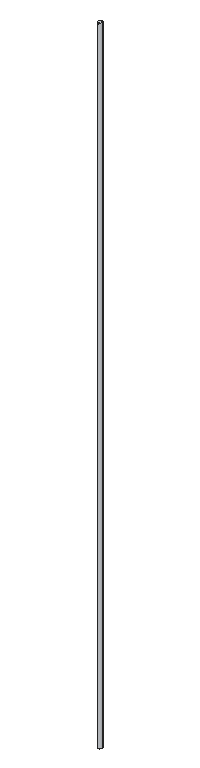
Revit family "TEZIZ_Молниеприемники серии МА-Т014", category Соединительные детали кабельных лотков, Revit 2018
Family settings
  Размер круглого соединителя = Использовать диаметр
  Тип детали = Мультипорт канального
  Номер OmniClass = 23.80.30.17.17
  Заголовок OmniClass = Cable Trays and Horizontal Racks
  На основе рабочей плоскости = Да
  Всегда вертикально = Нет
  При загрузке вырезать с полостями = Нет
  Общий = Да
Parameters (values of type "МА-Т014-25")
  Спец.ТипМаркаОбозначДокумента [instance] = "МА-Т014"
  Спец.Примечание [instance] = ""
  Спец.Позиция [instance] = ""
  Спец.НаименованиеИТехнХар [instance] = "МА-Т014-25 Молниеприемник стержневой М16, h-2.5 м, алюминий"
  Спец.МассаТекст [instance] = "1.35"
  Спец.Количество [instance] = 1  # constant formula
  Спец.КодОборудИзделияМатериала [instance] = "Т001404"
  Спец.Изготовитель [instance] = "АО «ТЭЗИЗ»"  # constant formula
  Спец.ЕдИзм [instance] = "шт."  # constant formula
  Рзм.А = 16.00 mm  # constant formula
  Рзм.S = 40.00 mm  # constant formula
  Рзм.L = 2500.00 mm
  built-in parameter 1140111 [instance] = (empty or 0)
  Default Elevation = 1219.20 mm
  Мтрл.ТипМатериала = none
Types (6, lengths in mm): name | Спец.НаименованиеИТехнХар | Спец.МассаТекст | Спец.КодОборудИзделияМатериала | Рзм.L
  МА-Т014-30 | "МА-Т014-30 Молниеприемник стержневой М16, h-3.0 м, алюминий" | "1.6" | "Т001405" | 3000.00
  МА-Т014-25 | "МА-Т014-25 Молниеприемник стержневой М16, h-2.5 м, алюминий" | "1.35" | "Т001404" | 2500.00
  МА-Т014-20 | "МА-Т014-20 Молниеприемник стержневой М16, h-2.0 м, алюминий" | "1.1" | "Т001403" | 2000.00
  МА-Т014-15 | "МА-Т014-15 Молниеприемник стержневой М16, h-1.5 м, алюминий" | "0.8" | "Т001402" | 1500.00
  МА-Т014-10 | "МА-Т014-10 Молниеприемник стержневой М16, h-1.0 м, алюминий" | "0.53" | "Т001401" | 1000.00
  МА-Т014-05 | "МА-Т014-05 Молниеприемник стержневой М16, h-0.5 м, алюминий" | "0.3" | "Т001400" | 500.00
Reference planes
  plane 1 "По центру (Вперед/Назад)": y = 0
  plane 2: z = 0
  plane 3 "По центру (Влево/Вправо)": x = 0
  plane 4: z = 2500
  plane 5: y = -8
  plane 6: y = 8
  plane 7: x = 8
  plane 8: x = -8
  plane 9: z = 2495
Forms (mm)
  Extrusion 1, solid, material <- "Мтрл.ТипМатериала"
    sketch origin (0, 0, 0) x (1, 0, 0) y (0, 1, 0)
      loop
        circle (0, 0) r 8
    from 0 to 2495
  Revolve 2, solid, material <- "Мтрл.ТипМатериала"
    sketch origin (0, 0, 0) x (1, 0, 0) y (0, 0, 1)
      loop
        line (0, 2500) -> (-3, 2500) -> (-8, 2495) -> (0, 2495) -> (0, 2500)
      axis (0, 2500) -> (0, 2495)
    angle from 0 to 360
Cuts and joins
  joined: Extrusion 1, Revolve 2
Dimensions and locks
  "Рзм.L": plane 4 to level
  equal spacing: plane 6, plane 1 "По центру (Вперед/Назад)", plane 5
  "Рзм.А": plane 5 to plane 6
  equal spacing: plane 8, plane 3 "По центру (Влево/Вправо)", plane 7
  "Рзм.А": plane 8 to plane 7
  locked: plane 4 to plane 9 at 5
  "Рзм.А": diameter of Extrusion 1 sketch curve
  aligned and locked: Extrusion 1 to level
  aligned and locked: Revolve 2 sketch curve to plane 9
  aligned and locked: plane 3 "По центру (Влево/Вправо)" to Revolve 2 sketch curve
  aligned and locked: plane 8 to Revolve 2 sketch curve
  aligned and locked: plane 9 to Extrusion 1
Automatic sketch dimensions
  Revolve 2 sketch curve to plane 4 = 0.00 mm
  Revolve 2 sketch curve to plane 3 "По центру (Влево/Вправо)" = 0.00 mm
  Revolve 2 sketch curve to Revolve 2 sketch curve = 3.00 mm
  Revolve 2 sketch curve to plane 9 = 10.00 mm
  Revolve 2 sketch curve to Revolve 2 sketch curve = 5.00 mm
  plane 1 "По центру (Вперед/Назад)" to Extrusion 1 sketch curve = 0.00 mm
  Extrusion 1 sketch curve to plane 3 "По центру (Влево/Вправо)" = 0.00 mm
